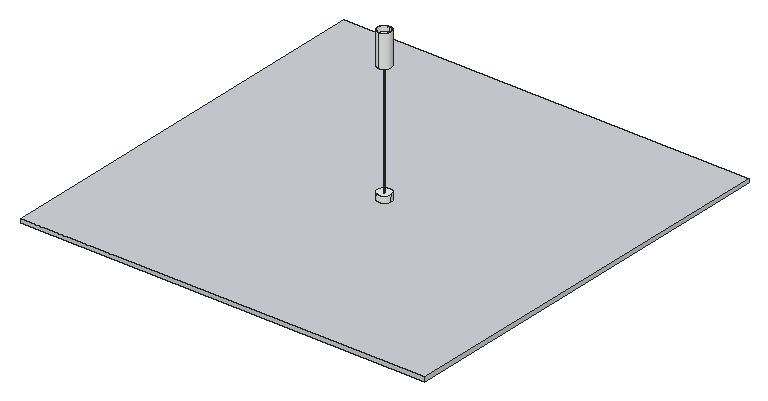
Revit family "Lighting-Pendant-Lucifer-Cylinder-CP3", category Lighting Fixtures, host Face, Revit 2016
Family settings
  Host = Face
  Part Type = Normal
  Round Connector Dimension = Use Diameter
  Cut with Voids When Loaded = No
  Light Source = Yes
  Shared = No
  Room Calculation Point = No
Parameters (values of type "CP3")
  Wattage = 9.2903 W
  built-in parameter 1150110 = 1 (stored number, unit not read)
  Voltage = 0 V
  URL = "https://www.luciferlighting.com/"
  built-in parameter 1114217 = 1 (stored number, unit not read)
  Tilt Angle = -90.00°
  built-in parameter 1150109 = 1 (stored number, unit not read)
  built-in parameter 1150134 = 3
  Suspension Length = 36.00"
  built-in parameter 1150113 = 1 (stored number, unit not read)
  Power Factor = 1
  Photometric Web File = "Load File"
  Number of Poles = 1
  built-in parameter 1150142 = (empty or 0)
  Model = "CP3"
  Manufacturer = "Lucifer Lighting"
  built-in parameter 1150105 = 109.82 (stored number, unit not read)
  Lumens = 1380 lm
  built-in parameter 1150115 = 1 (stored number, unit not read)
  built-in parameter 1150137 = (empty or 0)
  built-in parameter 1150139 = (empty or 0)
  built-in parameter 1150112 = 1 (stored number, unit not read)
  built-in parameter 1150114 = 1 (stored number, unit not read)
  Lamp = "LED"
  built-in parameter 1150132 = (empty or 0)
  built-in parameter 1150102 = (empty or 0)
  built-in parameter 1150107 = 3200 (stored number, unit not read)
  built-in parameter 1150138 = (empty or 0)
  built-in parameter 1150106 = 1.0982 (stored number, unit not read)
  Height = 7.40"
  Emit from Circle Diameter = Diameter  # 3.25"
  Emit Shape Visible in Rendering = no
  built-in parameter 1150104 = 13.8 (stored number, unit not read)
  Dimming Lamp Color Temperature Shift = <None>
  Diameter = 3.25"
  Description = "Suspended Cylinder"
  Default Elevation = 48.00"
  Color Filter = 16777215
  built-in parameter 1114218 = 1 (stored number, unit not read)
  built-in parameter 1150133 = 10 (stored number, unit not read)
  Apparent Load = 0 VA
Reference planes (in)
  plane 1 "Center (Front/Back)": y = 0
  plane 2: z = 0.125
  plane 3 "Center (Left/Right)": x = 0
  plane 4: z = -4.94
  plane 5: z = -4.94
  plane 6: z = 21.09992
  plane 7: y = 1.625
  plane 8: y = -1.625
  plane 9: z = 20.07992
  plane 10: z = 11.57492
  plane 11: z = 1.475
  plane 12: z = 36
Forms (in)
  Extrusion 1, solid
    sketch origin (0, 0, 0) x (1, 0, 0) y (0, 1, 0)
      loop
        line (-48, 48) -> (-48, -48) -> (48, -48) -> (48, 48) -> (-48, 48)
    from 0.125 to -0.82085
  Revolve 2, solid, material "Housing"
    sketch origin (0, 0, 13.69992) x (0, 1, 0) y (0, 0, 1)
      loop
        line (1.625, 22.30008) -> (1.475, 22.30008) -> (1.475, 21.28008) -> (0, 21.28008) -> (0, 14.90008) -> (1.625, 14.90008) -> (1.625, 22.30008)
      axis (0, 22.30008) -> (0, 14.90008)
    angle from 0 to 360
  Extrusion 3, solid, material "Housing"
    sketch origin (0, 0, 0) x (1, 0, 0) y (0, 1, 0)
      loop
        circle (0, 0) r 1.625
    from 0 to 1.475
  Extrusion 4, solid, material "Housing"
    sketch origin (0, 0, 0) x (1, 0, 0) y (0, 1, 0)
      loop
        circle (0, 0) r 0.12102
    from 1.475 to 28.6
Dimensions and locks (in)
  equal spacing: plane 7, plane 1 "Center (Front/Back)", plane 8
  "Diameter": plane 7 to plane 8
  "Suspension Length": plane 12 to level
  locked: Revolve 2 sketch curve to Revolve 2 sketch curve at 1.02
  locked: Revolve 2 sketch curve to Revolve 2 sketch curve at 6.38
  diameter of Extrusion 3 sketch curve = 3.25"
  aligned and locked: plane 2 to Extrusion 1
  aligned and locked: Extrusion 4 to Extrusion 3
  aligned and locked: plane 12 to Revolve 2
  aligned and locked: Revolve 2 to Extrusion 4
  aligned and locked: imposter light to plane 1 "Center (Front/Back)"
  aligned and locked: imposter light to Revolve 2
Automatic sketch dimensions
  Extrusion 1 sketch curve to Extrusion 1 sketch curve = 96.00"  (x2)
  plane 1 "Center (Front/Back)" to Extrusion 3 sketch curve = 0.00"
  Extrusion 3 sketch curve to plane 3 "Center (Left/Right)" = 0.00"
  plane 1 "Center (Front/Back)" to Extrusion 4 sketch curve = 0.00"
  Extrusion 4 sketch curve to plane 3 "Center (Left/Right)" = 0.00"
  Revolve 2 sketch curve to plane 1 "Center (Front/Back)" = 0.00"  (x2)
  Revolve 2 sketch curve to plane 12 = 0.00"
  Revolve 2 sketch curve to plane 7 = 0.00"
  plane 7 to Revolve 2 sketch curve = 0.15"
  Revolve 2 sketch curve to plane 4 = 5.36008"
  plane 12 to Revolve 2 sketch curve = 57.14589"
  radius of Extrusion 4 sketch curve = 0.12102"
Connectors (in)
  electrical at (0, 0, 0), driven by "Number of Poles", driven by "Voltage", driven by "Apparent Load", driven by "Power Factor"
    settings: on Extrusion 3, index 1, voltage 0 V, apparent load 0 VA, apparent load phase1 0 VA, apparent load phase2 0 VA, apparent load phase3 0 VA, power factor 1, load classification "Other", number of poles 1, system type 31, power factor state 1, is connector primary yes, connector utility no, sub classification motor no, connector description ""
